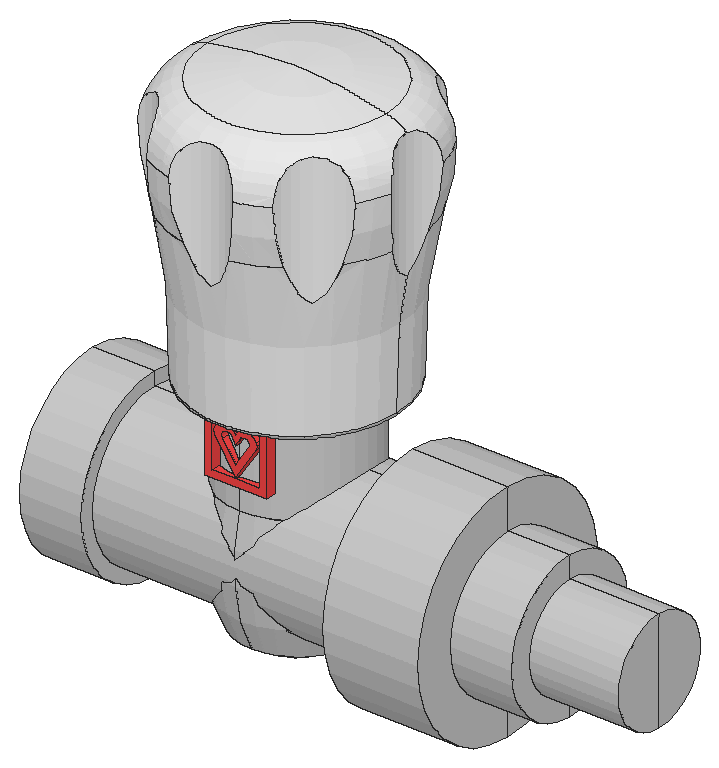
Revit family "Запорно-регулирующий радиаторный клапан GP, проходной 5523", category Rohrzubehör, Revit 2018
Family settings
  Bemaßung runder Anschluss = Durchmesser verwenden
  Teiletyp = Unterbricht
  OmniClass-Nummer = 23.65.55.14
  OmniClass-Titel = Valves for Liquid Services
  Arbeitsebenenbasiert = Nein
  Immer vertikal = Ja
  Beim Laden mit Abzugskörper schneiden = Nein
  Gemeinsam genutzt = Nein
Parameters
  Среда = "Качество воды в соответствии с ÖNORM H 5195 или директивой VDI 2035."
  Область применения = "Системы водяного отопления, в которых требуется точное ручное гидравлическое регулирование подачи воды к отопительным приборам. Рекомендуется также для монтажа в системах холодоснабжения, для точного ручного регулирования регистров охлаждения."
  Номер заказа [instance] = size_lookup("5523_", "Artnr", 0, Nennweite)  # 1552321
  Маховик = "Пластик, белый"  # constant formula
  Макс. рабочее давление = 1000000.0 Pa  # constant formula
  Макс. рабочая температура = 120 °C  # constant formula
  Корпус = "Никелированная латунь"  # constant formula
  Исполнение = "Универсальные модели со специальной муфтой для резьбовой трубы и компрессионных фитингов, никелированные."
  W01 = 60.00°  # constant formula
  URL = "www.herz-armaturen.ru"
  SCRNSEQ = "ARM;ARM_TYP=\"ALLF\";2"
  SCRNCODE = "05;00;02"  # constant formula
  S04 = 45.000 mm  # constant formula
  S03 = 61.000 mm  # constant formula
  S02 [instance] = L05 + L06 + L07  # 53.300 mm
  S01 = 10.000 mm  # constant formula
  R05 = 25.000 mm  # constant formula
  R04 = 2.000 mm  # constant formula
  R03 = 28.000 mm  # constant formula
  R02 = 11.500 mm  # constant formula
  R01 = 10.500 mm  # constant formula
  Nennweite [instance] = 15.000 mm
  LO1 = 10.500 mm  # constant formula
  L07 [instance] = size_lookup("5523_", "L7", 1.000 mm, Nennweite)  # 22.300 mm
  L06 [instance] = size_lookup("5523_", "L6", 1.000 mm, Nennweite)  # 14.000 mm
  L05 [instance] = L02 - L04  # 17.000 mm
  L04 [instance] = size_lookup("5523_", "L4", 1.000 mm, Nennweite)  # 8.000 mm
  L03 [instance] = size_lookup("5523_", "L3", 1.000 mm, Nennweite)  # 9.000 mm
  L02 [instance] = size_lookup("5523_", "L2", 1.000 mm, Nennweite)  # 25.000 mm
  L01 [instance] = size_lookup("5523_", "L1", 1.000 mm, Nennweite)  # 30.000 mm
  Hersteller = "HERZ Armaturen Ges.m.b.H."  # constant formula
  H02 = 25.500 mm  # constant formula
  H01 = 17.000 mm  # constant formula
  GTI [instance] = size_lookup("5523_", "GT1", 1.000 mm, Nennweite)  # 13.200 mm
  GT [instance] = size_lookup("5523_", "GT", 1.000 mm, Nennweite)  # 9.500 mm
  G2 [instance] = Nennweite / 2  # 7.500 mm
  G1 [instance] = Nennweite / 2  # 7.500 mm
  D05 [instance] = size_lookup("5523_", "D5", 1.000 mm, Nennweite)  # 10.650 mm
  D04 [instance] = size_lookup("5523_", "D4", 1.000 mm, Nennweite)  # 16.500 mm
  D03 [instance] = size_lookup("5523_", "D3", 1.000 mm, Nennweite)  # 9.525 mm
  D02 [instance] = size_lookup("5523_", "D2", 1.000 mm, Nennweite)  # 11.500 mm
  D01 [instance] = size_lookup("5523_", "D1", 1.000 mm, Nennweite)  # 13.500 mm
Reference planes
  plane 1 "Mitte (Vorne/hinten)": y = 0
  plane 2: z = 0
  plane 3 "Mitte (Links/rechts)": x = 0
Forms (mm)
  Revolve 1, solid, material "Messing, weicher Gelbton, geschweißt", detail levels fine
    sketch origin (0, 0, 0) x (1, 0, 0) y (0, 0, 1)
      loop
        line (-20.5, 0) -> (25, 0) -> (25, 9.525) -> (17, 9.525) -> (17, 11.5) -> (-21, 11.5) -> (-21, 13.5) -> (-30, 13.5) -> (-30, 7.5) -> (-20.5, 7.5) -> (-20.5, 0)
      axis (-30, 0) -> (25, 0)
    angle from 0 to 360
  Revolve 2, solid, material "Messing, weicher Gelbton, geschweißt", detail levels fine
    sketch origin (0, 0, 0) x (0, 1, 0) y (0, 0, 1)
      loop
        line (0, 25.5) -> (-10.5, 25.5) -> (-10.5, 7)
        arc (-10.5, 7) -> (-11.341, -2.816) -> (-8.325, -12.194) r 25
        line (-8.325, -12.194) -> (0, -17) -> (0, 25.5)
      axis (0, -17) -> (0, 25.5)
    angle from 0 to 360
  Revolve 3, solid, material "Messing, weicher Gelbton, geschweißt", detail levels fine
    sketch origin (0, 0, 0) x (1, 0, 0) y (0, 0, 1)
      loop
        line (25, 0) -> (53.3, 0) -> (53.3, 7.5) -> (40.1, 7.5) -> (40.1, 10.65) -> (31, 10.65) -> (31, 16.5) -> (17, 16.5) -> (17, 9.525) -> (25, 9.525) -> (25, 0)
      axis (17, 0) -> (53.3, 0)
    angle from 0 to 360
Lines and regions (mm)
  model lines, detail levels coarse+medium
    curve 1: line (-30, 0, 13.5) -> (-30, 0, -13.5)
    curve 2: line (-30, 0, -13.5) -> (30, 0, 13.5)
    curve 3: line (30, 0, 13.5) -> (30, 0, -13.5)
    curve 4: line (30, 0, -13.5) -> (-30, 0, 13.5)
    curve 5: line (30, 0, 13.5) -> (40, 0, 13.5)
    curve 6: line (40, 0, 13.5) -> (30, 0, 0)
    curve 7: line (30, 0, -13.5) -> (40, 0, -13.5)
    curve 8: line (40, 0, -13.5) -> (30, 0, 0)
    curve 9: line (30, 0, 0) -> (53.3, 0, 0)
    curve 10: line (0, 0, 0) -> (0, 0, 61)
    curve 11: line (-22.5, 0, 61) -> (22.5, 0, 61)
    curve 12: line (-30, 13.5, 0) -> (-30, -13.5, 0)
    curve 13: line (-30, -13.5, 0) -> (30, 13.5, 0)
    curve 14: line (30, 13.5, 0) -> (30, -13.5, 0)
    curve 15: line (30, -13.5, 0) -> (-30, 13.5, 0)
    curve 16: line (0, 0, 0) -> (0, 61, 0)
    curve 17: line (-22.5, 61, 0) -> (22.5, 61, 0)
    curve 18: line (30, 13.5, 0) -> (40, 13.5, 0)
    curve 19: line (40, 13.5, 0) -> (30, 0, 0)
    curve 20: line (30, -13.5, 0) -> (40, -13.5, 0)
    curve 21: line (40, -13.5, 0) -> (30, 0, 0)
Dimensions and locks
  "L01": Revolve 1 sketch curve to plane 3 "Mitte (Links/rechts)"
  "L02": Revolve 1 sketch curve to plane 3 "Mitte (Links/rechts)"
  "G1": Revolve 1 sketch curve to plane 2
  "GT": Revolve 1 sketch curve to Revolve 1 sketch curve
  "D01": Revolve 1 sketch curve to Revolve 1 sketch curve
  "D02": Revolve 1 sketch curve to Revolve 1 sketch curve
  "D03": Revolve 1 sketch curve to Revolve 1 sketch curve
  "L03": Revolve 1 sketch curve to Revolve 1 sketch curve
  "L04": Revolve 1 sketch curve to Revolve 1 sketch curve
  "H01": plane 2 to Revolve 2 sketch curve
  "H02": Revolve 2 sketch curve to plane 2
  "R01": Revolve 2 sketch curve to plane 1 "Mitte (Vorne/hinten)"
  "R02": Revolve 2 sketch curve to plane 1 "Mitte (Vorne/hinten)"
  "D03": Revolve 3 sketch curve to plane 2
  "L04": Revolve 3 sketch curve to Revolve 3 sketch curve
  "L05": Revolve 3 sketch curve to plane 3 "Mitte (Links/rechts)"
  "L06": Revolve 3 sketch curve to Revolve 3 sketch curve
  "L07": Revolve 3 sketch curve to Revolve 3 sketch curve
  "D04": Revolve 3 sketch curve to Revolve 3 sketch curve
  "G2": Revolve 3 sketch curve to Revolve 3 sketch curve
  "D05": Revolve 3 sketch curve to Revolve 3 sketch curve
  "GTI": Revolve 3 sketch curve to Revolve 3 sketch curve
  "LO1": nested 2 to plane 2
  "LO1": nested 1 to nested 2
  "D01": curve 4 to plane 2 to curve 2
  "D01": curve 3 to plane 2 to curve 4
  "L01": curve 1 to plane 3 "Mitte (Links/rechts)" to curve 3
  "S01": curve 3 to curve 6
  "S02": curve 9 to plane 3 "Mitte (Links/rechts)"
  "S03": curve 10 to plane 2
  equal spacing: curve 11, curve 10, curve 11
  "S04": curve 11 to curve 11
  "L01": curve 12 to plane 3 "Mitte (Links/rechts)" to curve 14
  "D01": curve 13 to plane 1 "Mitte (Vorne/hinten)" to curve 15
  "D01": curve 15 to plane 1 "Mitte (Vorne/hinten)" to curve 14
  "S03": plane 1 "Mitte (Vorne/hinten)" to curve 16
  equal spacing: curve 17, plane 3 "Mitte (Links/rechts)", curve 17
  "S04": curve 17 to curve 17
  "S01": curve 14 to curve 19
  "S01": curve 14 to curve 21
  "R05": radius of Revolve 2 sketch curve
  "W01": angle Revolve 2 sketch curve to Revolve 2 sketch curve
  aligned and locked: level to plane 2
Automatic sketch dimensions
  curve 10 to level = 0.000 mm
  curve 9 to level = 0.000 mm
  curve 3 to curve 7 = 10.000 mm
  curve 16 to plane 3 "Mitte (Links/rechts)" = 0.000 mm
  plane 1 "Mitte (Vorne/hinten)" to curve 19 = 0.000 mm
  Revolve 1 sketch curve to level = 0.000 mm  (x2)
  Revolve 1 sketch curve to Revolve 1 sketch curve = 1436.530 mm
  Revolve 1 sketch curve to Revolve 1 sketch curve = 1779.148 mm
  Revolve 2 sketch curve to plane 1 "Mitte (Vorne/hinten)" = 0.000 mm  (x2)
  Revolve 2 sketch curve to level = 0.000 mm
  Revolve 2 sketch curve to Revolve 2 sketch curve = 98.333 mm
  Revolve 2 sketch curve to Revolve 2 sketch curve = 1236.335 mm
  Revolve 3 sketch curve to level = 0.000 mm  (x2)
  Revolve 3 sketch curve to plane 3 "Mitte (Links/rechts)" = 1506.530 mm
  Revolve 3 sketch curve to Revolve 3 sketch curve = 1789.648 mm
Nested families
  nested 1: "Handrad-Heizkörperventile" at (0, 0, 20), type "Handrad-Heizkörperventile", detail levels fine
  nested 2: "Herz-Logo-vorne" at (0, -10.5, 15) x (0, 1, 0) z (0, 0, 1), type "Herz-Logo-vorne", detail levels fine
Connectors
  piping at (-20.5, 0, 0), diameter 15, driven by "Nennweite"
    settings: on Revolve 1, index 1, connector inside diameter 609.6 mm, connector length 0.000 mm, flow factor 0, pipe flow 0.0 L/s, pressure drop 0.0 Pa, fitting loss kfactor 0, connector angle 0.00°, fixture units 0, engagement length 0.000 mm, angle of deflection 0.00°, flow configuration 0, flow direction 1, fitting loss method 0, system type 7, joint type 0, gender type 0, connector reference index -1, connector utility 0, adjustable connector no, is connector primary yes, connector description ""
  piping at (53.3, 0, 0), diameter 15, driven by "Nennweite"
    settings: on Revolve 3, index 2, connector inside diameter 609.6 mm, connector length 0.000 mm, flow factor 0, pipe flow 0.0 L/s, pressure drop 0.0 Pa, fitting loss kfactor 0, connector angle 0.00°, fixture units 0, engagement length 0.000 mm, angle of deflection 0.00°, flow configuration 0, flow direction 2, fitting loss method 0, system type 7, joint type 0, gender type 0, connector reference index -1, connector utility 0, adjustable connector no, is connector primary no, connector description ""
Definition of nested family "Handrad-Heizkörperventile"
  Parameters (values of type "Handrad-Heizkörperventile")
    T01 = 5.500 mm  # constant formula
    R01 = 10.500 mm  # constant formula
  Reference planes
    plane 1 "Mitte (Vorne/hinten)": y = 0
    plane 2: z = 0
    plane 3 "Mitte (Links/rechts)": x = 0
  Forms (mm)
    Revolve 1, solid, detail levels fine
      sketch origin (0, 0, 0) x (1, 0, 0) y (0, 0, 1)
        loop
          line (10.5, 0) -> (14.25, 0)
          arc (14.25, 0) -> (14.604, 0.146) -> (14.75, 0.5) r 0.5
          arc (14.75, 0.5) -> (15.098, 12.356) -> (17.195, 24.03) r 80
          arc (17.195, 24.03) -> (18.172, 28.281) -> (18.5, 32.63) r 29
          arc (18.5, 32.63) -> (17.011, 36.946) -> (13.177, 39.426) r 7
          arc (13.177, 39.426) -> (6.637, 40.626) -> (0, 41.028) r 55
          line (0, 41.028) -> (0, 5.5) -> (10.5, 5.5) -> (10.5, 0)
        axis (0, 41.028) -> (0, 0)
      angle from 0 to 360
    Extrusion 2, void
      sketch origin (0, 0, 0) x (1, 0, 0) y (0, 1, 0)
        loop
          arc (-16.011, 9.268) -> (-11.314, 11.314) -> (-9.268, 16.011) r 7
          arc (-9.268, 16.011) -> (-13.081, 13.081) -> (-16.011, 9.268) r 18.5
        loop
          arc (16.011, 9.268) -> (13.081, 13.081) -> (9.268, 16.011) r 18.5
          arc (9.268, 16.011) -> (11.314, 11.314) -> (16.011, 9.268) r 7
        loop
          arc (-16.011, -9.268) -> (-13.081, -13.081) -> (-9.268, -16.011) r 18.5
          arc (-9.268, -16.011) -> (-11.314, -11.314) -> (-16.011, -9.268) r 7
        loop
          arc (16.011, -9.268) -> (11.314, -11.314) -> (9.268, -16.011) r 7
          arc (9.268, -16.011) -> (13.081, -13.081) -> (16.011, -9.268) r 18.5
        loop
          arc (17.953, 4.58) -> (16.078, -0.188) -> (17.953, -4.956) r 7
          arc (17.953, -4.956) -> (18.578, -0.188) -> (17.953, 4.58) r 18.5
        loop
          arc (-17.953, 4.58) -> (-18.578, -0.188) -> (-17.953, -4.956) r 18.5
          arc (-17.953, -4.956) -> (-16.078, -0.188) -> (-17.953, 4.58) r 7
        loop
          arc (-4.58, 17.953) -> (0.188, 16.078) -> (4.956, 17.953) r 7
          arc (4.956, 17.953) -> (0.188, 18.578) -> (-4.58, 17.953) r 18.5
        loop
          arc (-4.58, -17.953) -> (0.188, -18.578) -> (4.956, -17.953) r 18.5
          arc (4.956, -17.953) -> (0.188, -16.078) -> (-4.58, -17.953) r 7
      from 15.609 to 43.011
  Cuts and joins
    Extrusion 2 cuts Revolve 1
  Dimensions and locks
    "R01": Revolve 1 sketch curve to Revolve 1 sketch curve
    Revolve 1 sketch curve to plane 3 "Mitte (Links/rechts)" = 14.750 mm
    "T01": Revolve 1 sketch curve to Revolve 1 sketch curve
    aligned and locked: level to plane 2
  Automatic sketch dimensions
    Extrusion 2 sketch curve to Extrusion 2 sketch curve = 0.000 mm  (x14)
    plane 1 "Mitte (Vorne/hinten)" to Extrusion 2 sketch curve = 0.000 mm
    Extrusion 2 sketch curve to plane 3 "Mitte (Links/rechts)" = 0.000 mm
    Extrusion 2 sketch curve to plane 3 "Mitte (Links/rechts)" = 0.078 mm
    Extrusion 2 sketch curve to plane 3 "Mitte (Links/rechts)" = 16.263 mm  (x2)
    plane 1 "Mitte (Vorne/hinten)" to Extrusion 2 sketch curve = 0.188 mm  (x2)
    Extrusion 2 sketch curve to Extrusion 2 sketch curve = 6.815 mm  (x4)
    plane 3 "Mitte (Links/rechts)" to Extrusion 2 sketch curve = 0.078 mm
    plane 3 "Mitte (Links/rechts)" to Extrusion 2 sketch curve = 0.188 mm  (x2)
    plane 1 "Mitte (Vorne/hinten)" to Extrusion 2 sketch curve = 0.078 mm
    Extrusion 2 sketch curve to Extrusion 2 sketch curve = 0.110 mm  (x2)
    Extrusion 2 sketch curve to plane 1 "Mitte (Vorne/hinten)" = 0.078 mm
    plane 3 "Mitte (Links/rechts)" to Extrusion 2 sketch curve = 16.263 mm  (x2)
    plane 1 "Mitte (Vorne/hinten)" to Extrusion 2 sketch curve = 16.263 mm  (x2)
    Extrusion 2 sketch curve to plane 1 "Mitte (Vorne/hinten)" = 16.263 mm  (x2)
    Extrusion 2 sketch curve to plane 3 "Mitte (Links/rechts)" = 4.580 mm  (x2)
    Extrusion 2 sketch curve to Extrusion 2 sketch curve = 4.688 mm  (x2)
    Extrusion 2 sketch curve to Extrusion 2 sketch curve = 0.252 mm  (x4)
    Extrusion 2 sketch curve to Extrusion 2 sketch curve = 1.942 mm  (x4)
    Extrusion 2 sketch curve to Extrusion 2 sketch curve = 4.312 mm  (x4)
    Revolve 1 sketch curve to plane 3 "Mitte (Links/rechts)" = 0.000 mm  (x2)
    Revolve 1 sketch curve to level = 0.000 mm
    Revolve 1 sketch curve to plane 3 "Mitte (Links/rechts)" = 10.500 mm
    plane 3 "Mitte (Links/rechts)" to Revolve 1 sketch curve = 11.500 mm
    Revolve 1 sketch curve to Revolve 1 sketch curve = 0.500 mm
    level to Revolve 1 sketch curve = 4.086 mm
    Revolve 1 sketch curve to Revolve 1 sketch curve = 79.920 mm
    Revolve 1 sketch curve to level = 13.972 mm
    Revolve 1 sketch curve to Revolve 1 sketch curve = 27.130 mm
    Revolve 1 sketch curve to Revolve 1 sketch curve = 8.398 mm
    Revolve 1 sketch curve to Revolve 1 sketch curve = 0.000 mm
    Revolve 1 sketch curve to Revolve 1 sketch curve = 1.305 mm
    Revolve 1 sketch curve to Revolve 1 sketch curve = 352.073 mm
    Revolve 1 sketch curve to Revolve 1 sketch curve = 2173.287 mm
Definition of nested family "Herz-Logo-vorne"
  Reference planes
    plane 1 "Mitte (Vorne/hinten)": y = 0
    plane 2: z = 0
    plane 3 "Mitte (Links/rechts)": x = 0
  Forms (mm)
    Extrusion 1, solid
      sketch origin (0.732, -0.018, 0.017) x (0, -1, 0) y (0, 0, 1)
        loop
          line (-0.018, -4.517) -> (4.482, -4.517) -> (4.482, 4.483) -> (-4.518, 4.483) -> (-4.518, -4.517) -> (-0.018, -4.517)
        loop
          line (-0.05, -3.48) -> (3.482, -3.48) -> (3.482, 3.483) -> (-3.518, 3.483) -> (-3.518, -3.48) -> (-0.05, -3.48)
        loop
          arc (-0.018, 2.383) -> (-1.543, 3.287) -> (-3.067, 2.383) r 1.738
          arc (-3.067, 2.383) -> (-3.191, 1.899) -> (-3.067, 1.415) r 1.009
          line (-3.067, 1.415) -> (-0.018, -3.281) -> (3.032, 1.415)
          arc (3.032, 1.415) -> (3.156, 1.899) -> (3.032, 2.383) r 1.009
          arc (3.032, 2.383) -> (1.507, 3.287) -> (-0.018, 2.383) r 1.738
        loop
          arc (1.885, 1.272) -> (2.005, 1.675) -> (1.885, 2.079) r 0.74
          arc (1.885, 2.079) -> (1.265, 2.416) -> (0.644, 2.079) r 0.74
          line (0.644, 2.079) -> (-0.018, 0.97) -> (-0.679, 2.079)
          arc (-0.679, 2.079) -> (-1.3, 2.416) -> (-1.921, 2.079) r 0.74
          arc (-1.921, 2.079) -> (-2.04, 1.675) -> (-1.921, 1.272) r 0.74
          line (-1.921, 1.272) -> (-0.018, -1.658) -> (1.885, 1.272)
      from 0 to 1.5
  Dimensions and locks
    aligned and locked: level to plane 2
